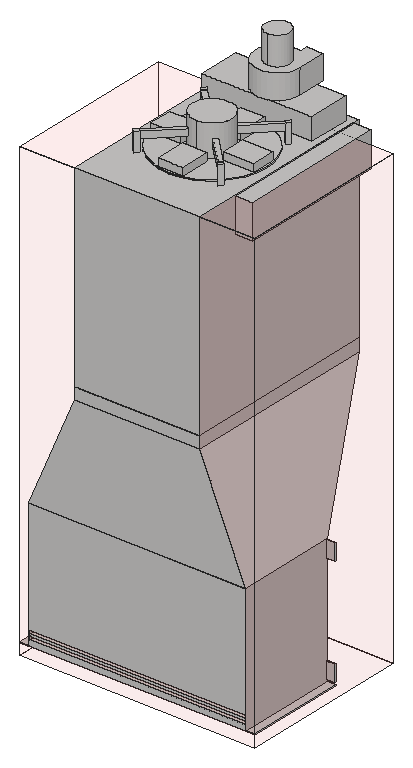
Revit family "Air-Curtain_Industrial_PoweredAire_Gas-Indirect-1Heater", category Mechanical Equipment, host Face, Revit 2017
Family settings
  Host = Face
  Round Connector Dimension = Use Diameter
  Part Type = Normal
  OmniClass Number = 23.75.35.17.21
  OmniClass Title = Air Curtains
  Cut with Voids When Loaded = No
  Shared = No
  Room Calculation Point = No
Parameters
  topbracket [instance] = Unit Height = 1' 4 3/4"  # yes
  Warranty Duration (Years) = 0
  Unit Width Notes = "Other Widths available."  # constant formula
  Unit Width = 3' - 3"
  Unit Weight = 0
  Unit Height = 1' - 4 3/4"
  Unit Depth = 1' - 9 1/4"
  URL = "http://www.poweredaire.com/"
  Test Data = ""
  Standards Conformance = "as Specified"
  Specification = "http://www.arcat.com/sdspecs/htm04/23_34_33pai.htm"
  SpecWizard = ""
  Sound Pressure = "as Specified"
  Sales Information = "http://www.poweredaire.com/contact_us"
  Revision = "R1_2016-08"
  Projection from Host [instance] = 0' - 2"
  Product Properties = ""
  Product Data = "http://www.arcat.com/arcatcos/cos47/arc47623.html"
  Power Rating = 0 W
  Piping_Operating Pressure [instance] = 0.00 psi
  Pipe OD [instance] = 5/8"
  Overall Depth = 6' - 1 3/4"
  Nozzle Width = if(1 = 1, Unit Width - 0' 3", 0' 0")  # 3' - 0"
  Mounting Width = if(1 = 1, Unit Width - 0' 1 1/2", 0' 0")  # 3' - 1 1/2"
  Mounting Height [instance] = 3' - 6"
  Motor RPM = 0
  Motor HP = 0
  Motor Count = 0
  Model = "As Specified"
  Max Height = 0' - 0"
  Manufacturer Website = "http://www.poweredaire.com/"
  Manufacturer Phone - Toll Free = "888-321-2473"
  Manufacturer Phone = "724-588-3305"
  Manufacturer Fax = "724-588-3371"
  Manufacturer Address = "109 Mortensen Rd.  Greenville, PA 16125"
  Manufacturer = "Powered Aire, Inc"
  Maintenance Schedule (Months) = 0
  Keynote = "23 34 33"
  Installation-Fabrication = ""
  Installation Phase = ""
  Include Clearance [instance] = yes
  Heating Element Load = 0 W
  Heater Weight = 0
  Heater Hanging Width = 1' - 6 5/8"
  Heater Finish [instance] = Metal - Steel - PoweredAire - Stainless 304
  HVAC_Temperature Rise = 0 °F
  HVAC_Primary CFM = 0 CFM
  HVAC_Outlet Volume = 0 CFM
  HVAC_Outlet Velocity Uniformity = 0
  HVAC_Outlet Velocity = 0 FPM
  HVAC_Exit Temperature [instance] = 0 °F
  HVAC_BTU Output = 0.0 Btu/h
  HVAC_BTU Input = 0.0 Btu/h
  Green Building-LEED = "http://www.arcat.com/green/clients/leed_data_47623.html"
  Gas Connection Diameter [instance] = 0"
  Frame Finish [instance] = Metal - Steel - PoweredAire - Stainless 304
  Expected Lifespan (Years) = 0
  Exhaust Connection Diameter = 0' - 5"
  Electrical_Wattage [instance] = Power Rating + Heating Element Load  # 0 W
  Electrical_Voltage [instance] = 0 V
  Electrical_Phase [instance] = 1
  Electrical_Frequency [instance] = 0 Hz
  Electrical_Amperage [instance] = 0 A
  Drawn By = "Sumex Design, Inc. / Robert S. Weygant, CSI, CDT, SCIP"
  Description = "Powered Aire Air Curtain as Specified"
  Default Elevation = 0' - 0"  # constant formula
  Copyright = "©Arcat Inc."
  Construction Details = "http://www.arcat.com/details/powair/prod3336.html"
  Clearance_Top [instance] = 1' - 0"
  Clearance_Side B [instance] = 0' - 0"
  Clearance_Side A [instance] = 0' - 0"
  Clearance_Intake [instance] = 0' - 0"
  Clearance_Bottom [instance] = 0' - 0"
  Clearance Material [instance] = ARCAT Clearance
  Building Codes = ""
  Available Options [instance] = "as Specified"
  Assembly Code = "D3090400"
Reference planes (in)
  plane 1 "Center (Elevation)": y = 0.13818
  plane 2: z = 0
  plane 3 "Center (Left/Right)": x = 0
  plane 4 "Top": y = 8.51318
  plane 5: y = -8.23682
  plane 6: x = -19.5
  plane 7: x = 19.5
  plane 8 "Front": z = 23.25
  plane 9 "FF": y = -41.86182
  plane 10: z = 2
  plane 11: x = 18
  plane 12: x = -18
  plane 13: y = 20.51318
  plane 14: y = -8.23682
  plane 15: x = -19.5
  plane 16: x = 19.5
  plane 17: z = 75.75
  plane 18: x = 17.9375
  plane 19: x = -17.9375
  plane 20: x = 18
  plane 21: x = 18
  plane 22: y = 6.01318
  plane 23: y = -5.73682
  plane 24: x = -9.3125
  plane 25: x = 9.3125
  plane 26: x = -10.375
  plane 27: x = 10.375
  plane 28: z = 75.75
  plane 29: z = 43.25
  plane 30: z = 41.25
Forms (in)
  Extrusion 1, solid, material "Metal - Steel - PoweredAire - Stainless 304" <- "Frame Finish"
    sketch origin (0, 0, 0) x (0, 1, 0) y (0, 0, 1)
      loop
        line (-8.23682, 2) -> (8.51318, 2) -> (8.51318, 23.25) -> (-8.23682, 23.25) -> (-8.23682, 2)
    from -18 to 18
  Extrusion 2, solid, material "ARCAT Clearance" <- "Clearance Material", visible <- "Include Clearance"
    sketch origin (0, 0, 0) x (0, 1, 0) y (0, 0, 1)
      loop
        line (-8.23682, 75.75) -> (-8.23682, 0) -> (20.51318, 0) -> (20.51318, 75.75) -> (-8.23682, 75.75)
    from -19.5 to 19.5
  Extrusion 3, solid, material "Metal - Steel - PoweredAire - Stainless 304" <- "Frame Finish"
    sketch origin (-15.17702, -180, 2) x (-1, 0, 0) y (0, -1, 0)
      loop
        line (-33.17702, -188.51318) -> (-33.17702, -171.76318) -> (-34.67702, -171.76318) -> (-34.67702, -188.51318) -> (-33.17702, -188.51318)
      loop
        line (2.82298, -188.51318) -> (4.32298, -188.51318) -> (4.32298, -171.76318) -> (2.82298, -171.76318) -> (2.82298, -188.51318)
    from 0 to 0.125
  Extrusion 4, solid, material "Metal - Steel - PoweredAire - Stainless 304" <- "Frame Finish", visible <- "topbracket"
    sketch origin (-11.83813, 8.51318, 48) x (-1, 0, 0) y (0, 0, 1)
      loop
        line (-29.83813, -45.5) -> (-29.83813, -42.75) -> (-31.33813, -42.75) -> (-31.33813, -45.5) -> (-29.83813, -45.5)
      loop
        line (-29.83813, -27.5) -> (-29.83813, -24.75) -> (-31.33813, -24.75) -> (-31.33813, -27.5) -> (-29.83813, -27.5)
      loop
        line (6.16187, -45.5) -> (7.66187, -45.5) -> (7.66187, -42.75) -> (6.16187, -42.75) -> (6.16187, -45.5)
      loop
        line (6.16187, -27.5) -> (7.66187, -27.5) -> (7.66187, -24.75) -> (6.16187, -24.75) -> (6.16187, -27.5)
    from 0 to -0.125
  Extrusion 5, void
    sketch origin (0, 0, 0) x (0, 1, 0) y (0, 0, 1)
      loop
        line (-8.23682, 3) -> (-7.23682, 3) -> (-7.23682, 4.5) -> (-8.23682, 4.5) -> (-8.23682, 3.82425) -> (-7.38364, 3.82425) -> (-7.38364, 3.57425) -> (-8.23682, 3.57425) -> (-8.23682, 3)
    from -17.9375 to 17.9375
  Blend 6, solid, material "Metal - Steel - PoweredAire - Stainless 304" <- "Frame Finish"
    base sketch origin (-15.17702, -180, 23.25) x (-1, 0, 0) y (0, -1, 0)
      loop
        line (2.82298, -188.51318) -> (2.82298, -171.76318) -> (-33.17702, -171.76318) -> (-33.17702, -188.51318) -> (2.82298, -188.51318)
    top sketch origin (-15.17702, -180, 23.25) x (-1, 0, 0) y (0, -1, 0)
      loop
        line (-4.80202, -171.76318) -> (-25.55202, -171.76318) -> (-25.55202, -204.76318) -> (-4.80202, -204.76318) -> (-4.80202, -171.76318)
    from 0 to 18
Cuts and joins
  Extrusion 5 cuts Extrusion 1
Dimensions and locks (in)
  equal spacing: plane 4 "Top", plane 1 "Center (Elevation)", plane 5
  "Unit Height": plane 4 "Top" to plane 5
  equal spacing: plane 6, plane 3 "Center (Left/Right)", plane 7
  "Unit Width": plane 6 to plane 7
  "Mounting Height": plane 1 "Center (Elevation)" to plane 9 "FF"
  "Projection from Host": plane 10 to level
  "Unit Depth": plane 8 "Front" to plane 10
  locked: plane 6 to plane 12 at 1.5
  locked: plane 11 to plane 7 at 1.5
  "Clearance_Side A": plane 7 to plane 16
  "Clearance_Side B": plane 15 to plane 6
  "Clearance_Top": plane 13 to plane 4 "Top"
  "Clearance_Bottom": plane 5 to plane 14
  "Clearance_Intake": plane 17 to plane 28
  Extrusion 5 sketch curve to Extrusion 5 sketch curve to Extrusion 5 sketch curve to Extrusion 5 sketch curve to plane 10 = 0' - 0.67575" locked, 0' - 0 1/4" locked, 0' - 0.57425" locked, 0' - 1" locked
  plane 5 to Extrusion 5 sketch curve to Extrusion 5 sketch curve = 0' - 0.85319" locked, 0' - 0.14681" locked
  locked: plane 19 to plane 12 at 0.0625
  locked: plane 11 to plane 18 at 0.0625
  locked: plane 20 to plane 11
  locked: plane 21 to plane 11
  locked: plane 4 "Top" to plane 22 at 2.5
  locked: plane 23 to plane 5 at 2.5
  equal spacing: plane 24, plane 3 "Center (Left/Right)", plane 25
  "Heater Hanging Width": plane 24 to plane 25
  locked: plane 25 to plane 27 at 1.0625
  locked: plane 26 to plane 24 at 1.0625
  "Overall Depth": plane 28 to plane 10
  locked: plane 29 to plane 30 at 2
  locked: plane 28 to plane 29 at 32.5
  locked: Blend 6 sketch curve to plane 5 at 33
  Extrusion 4 sketch curve to Extrusion 4 sketch curve to plane 10 = 0' - 2 3/4" locked, 0' - 0 1/2" locked  (x2)
  plane 8 "Front" to Extrusion 4 sketch curve to Extrusion 4 sketch curve = 0' - 0" locked, 0' - 2 3/4" locked  (x2)
  aligned and locked: plane 2 to host face
  aligned and locked: level to host face
  aligned and locked: Extrusion 2 sketch curve to plane 17
  aligned and locked: plane 14 to Extrusion 2 sketch curve
  aligned and locked: level to Extrusion 2 sketch curve
  aligned and locked: Extrusion 2 sketch curve to plane 13
  aligned and locked: plane 16 to Extrusion 2
  aligned and locked: Extrusion 2 to plane 15
  aligned and locked: plane 11 to Extrusion 1
  aligned and locked: Extrusion 1 to plane 12
  aligned and locked: Extrusion 1 sketch curve to plane 8 "Front"
  aligned and locked: plane 28 to nested 1
  aligned and locked: Blend 6 sketch curve to plane 5  (x2)
  aligned and locked: plane 12 to Blend 6 sketch curve
  aligned and locked: Blend 6 sketch curve to plane 11
  aligned and locked: Blend 6 sketch curve to plane 4 "Top"
  aligned and locked: Blend 6 sketch curve to plane 26
  aligned and locked: plane 27 to Blend 6 sketch curve
  aligned and locked: plane 30 to Blend 6
  aligned and locked: plane 3 "Center (Left/Right)" to nested 1
  aligned and locked: plane 18 to cut or joined group of Extrusion 1, Extrusion 5
  aligned and locked: cut or joined group of Extrusion 1, Extrusion 5 to plane 19
Automatic sketch dimensions
  host sketch curve to host sketch curve = 8' - 0"  (x2)
  plane 4 "Top" to Extrusion 3 sketch curve = 0' - 0"
  Extrusion 3 sketch curve to plane 7 = 0' - 0"
  plane 5 to Extrusion 3 sketch curve = 0' - 0"
  Extrusion 3 sketch curve to plane 11 = 0' - 0"
  Extrusion 3 sketch curve to plane 4 "Top" = 0' - 0"
  Extrusion 3 sketch curve to plane 12 = 0' - 0"
  Extrusion 3 sketch curve to plane 6 = 0' - 0"
  Extrusion 3 sketch curve to plane 5 = 0' - 0"
  Extrusion 4 sketch curve to plane 7 = 0' - 0"  (x2)
  Extrusion 4 sketch curve to plane 11 = 0' - 0"  (x2)
  Extrusion 4 sketch curve to plane 12 = 0' - 0"  (x2)
  Extrusion 4 sketch curve to plane 6 = 0' - 0"  (x2)
  Extrusion 5 sketch curve to plane 5 = 0' - 0"  (x2)
  Extrusion 1 sketch curve to plane 5 = 0' - 0"
  Extrusion 1 sketch curve to plane 4 "Top" = 0' - 0"
  Extrusion 1 sketch curve to plane 10 = 0' - 0"
Nested families (in)
  nested 1: "Heater" at (0, -8.23682, 43.2987) x (1, 0, 0) z (0, 1, 0), finish <- "Heater Finish", burner width <- "Heater Hanging Width", type "Heater"
    with finish Metal - Steel - PoweredAire - Stainless 304, burner width 1' - 6 5/8", Two Fan no, One Fan yes
Connectors (in)
  electrical at (-18, 0.13818, 12.625), driven by "Electrical_Voltage", driven by "Electrical_Phase"
    settings: on cut or joined group of Extrusion 1, Extrusion 5, index 3, voltage 0 V, apparent load 0 VA, apparent load phase1 0 VA, apparent load phase2 0 VA, apparent load phase3 0 VA, power factor 1, load classification "Motor", number of poles 1, system type 31, power factor state 1, is connector primary yes, connector utility no, sub classification motor no, connector description ""
  hvac at (3, 24.76318, 81.40625), driven by "Exhaust Connection Diameter", driven by "HVAC_Primary CFM"
    settings: on nested 1, index 4, duct flow 0 CFM, flow factor 0, pres drop 0.00 in-wg, loss coef 0, conn angle 0.00°, conn width 12", conn height 12", conn diameter 5", duct sys type 3, conn prof type 0, flow config 0, flow direction 2, loss method 0, conn ref index -1, conn util no, is conn primary yes, conn desc ""
Definition of nested family "Heater"
  Parameters
    finish [instance] = none
    burner width [instance] = 4' - 0 5/8"
    burner depth = 3' - 8 3/4"
    Two Fan [instance] = burner width > 4' 0"  # yes
    One Fan [instance] = burner width < 4' 0"  # no
    Default Elevation = 0' - 0"  # constant formula
  Reference planes (in)
    plane 1 "Center (Front/Back)": y = 0
    plane 2: z = 0
    plane 3 "Center (Left/Right)": x = 0
    plane 4: x = -25.375
    plane 5: x = 25.375
    plane 6: z = 33
    plane 7: y = -44.75
    plane 8: x = 3
    plane 9: x = 4.375
    plane 10: x = -12.6875
    plane 11: x = 12.6875
    plane 12: z = 15.5
    plane 13: x = -24.3125
    plane 14: x = 24.3125
  Forms (in)
    Extrusion 1, solid, material <- "finish"
      sketch origin (-74.94554, -3, 38.65968) x (0, 0, 1) y (1, 0, 0)
        loop
          line (-5.65968, 49.57054) -> (-5.65968, 100.32054) -> (-38.65968, 100.32054) -> (-38.65968, 49.57054) -> (-5.65968, 49.57054)
      from 3 to -29.4513
    Extrusion 2, solid, material <- "finish"
      sketch origin (0, 0, 0) x (0, 1, 0) y (0, 0, 1)
        loop
          line (2, 0) -> (2, 33) -> (0, 33) -> (0, 0) -> (2, 0)
      from -25.375 to 25.375
    Extrusion 3, solid, material <- "finish"
      sketch origin (-74.94554, -32.4513, 38.65968) x (0, 0, 1) y (1, 0, 0)
        loop
          line (-6.91591, 50.82971) -> (-6.91591, 99.10844) -> (-13.91591, 99.10844) -> (-13.91591, 50.82971) -> (-6.91591, 50.82971)
      from 0 to -3.625
    Extrusion 4, solid, material <- "finish"
      sketch origin (-74.94554, -36.0763, 38.65968) x (0, 0, 1) y (1, 0, 0)
        loop
          arc (-10.4052, 79.32054) -> (-12.67312, 72.60509) -> (-6.79809, 76.57054) r 3.74068
          line (-6.79809, 76.57054) -> (-5.65968, 76.57054) -> (-5.65968, 79.32054) -> (-10.4052, 79.32054)
      from 0 to -4.0625
    Extrusion 5, solid, material <- "finish"
      sketch origin (-73.58006, -40.1388, 35.52564) x (0, 0, -1) y (1, 0, 0)
        loop
          circle (7.27116, 74.21438) r 2
      from 4.6112 to 0
    Extrusion 6, solid, material <- "finish"
      sketch origin (0, 0, 0) x (1, 0, 0) y (0, 1, 0)
        loop
          line (28.3125, -32.4513) -> (28.3125, -26.7013) -> (25.3125, -26.7013) -> (25.3125, -32.4513) -> (28.3125, -32.4513)
      from 7.25 to 31.75
    Extrusion 7, solid, material <- "finish", visible <- "Two Fan"
      sketch origin (0, 0, 0) x (0, 1, 0) y (0, 0, 1)
        loop
          line (-32.4513, 6.22268) -> (-44.15658, 5.1986) -> (-44.15658, 4.4486) -> (-32.4513, 4.85736) -> (-32.4513, 6.22268)
      from -25.375 to 25.375
  Dimensions and locks (in)
    locked: Extrusion 4 sketch curve to Extrusion 4 sketch curve at 2.75
    "burner width": plane 13 to plane 14
    locked: plane 6 to level at 33
    "burner depth": plane 7 to plane 1 "Center (Front/Back)"
    locked: plane 8 to plane 9 at 1.375
    Extrusion 4 sketch curve to Extrusion 4 sketch curve to plane 8 = 0' - 0.99068" locked, 0' - 1 3/8" locked
    locked: Extrusion 5 sketch curve to plane 8 at 2.36568
    locked: plane 8 to plane 3 "Center (Left/Right)" at 3
    Extrusion 6 sketch curve to plane 5 to Extrusion 6 sketch curve = 0' - 0 1/16" locked, 0' - 2 15/16" locked
    equal spacing: plane 5, plane 11, plane 3 "Center (Left/Right)", plane 10, plane 4
    locked: plane 4 to plane 13 at 1.0625
    locked: plane 14 to plane 5 at 1.0625
    aligned and locked: plane 2 to level
    aligned: Extrusion 4 to Extrusion 5
    aligned: Extrusion 3 to Extrusion 2  (x2)
    aligned and locked: plane 7 to Extrusion 5
    aligned and locked: plane 4 to Extrusion 1 sketch curve
    aligned and locked: Extrusion 1 sketch curve to plane 5
    aligned and locked: Extrusion 7 to plane 4
    aligned and locked: plane 5 to Extrusion 7
    aligned and locked: plane 12 to nested 1
    aligned and locked: plane 3 "Center (Left/Right)" to nested 1
    aligned and locked: plane 12 to nested 3
    aligned and locked: plane 11 to nested 3
    aligned and locked: plane 10 to nested 2
    aligned and locked: plane 12 to nested 2
    aligned and locked: plane 5 to Extrusion 2
    aligned and locked: Extrusion 2 to plane 4
  Automatic sketch dimensions
    Extrusion 1 to Extrusion 3 sketch curve = 0' - 1.25917"
    Extrusion 1 to Extrusion 3 sketch curve = 0' - 8.25624"
    Extrusion 1 to Extrusion 3 sketch curve = 0' - 1.2121"
    Extrusion 1 to Extrusion 3 sketch curve = 0' - 1.25624"
    Extrusion 4 sketch curve to Extrusion 3 = 0' - 0.11782"
    Extrusion 4 sketch curve to Extrusion 3 = 0' - 1.25624"
    Extrusion 5 sketch curve to Extrusion 4 = 0' - 4.74552"
    Extrusion 1 sketch curve to level = 0' - 0"
    Extrusion 1 sketch curve to plane 6 = 0' - 0"
    Extrusion 2 sketch curve to level = 0' - 0"
    Extrusion 2 sketch curve to plane 1 "Center (Front/Back)" = 0' - 0"
    Extrusion 2 sketch curve to plane 6 = 0' - 0"
    Extrusion 2 sketch curve to Extrusion 2 sketch curve = 0' - 2"
    Extrusion 6 sketch curve to plane 7 = 1' - 0.2987"
    Extrusion 6 sketch curve to Extrusion 6 sketch curve = 0' - 5 3/4"
    Extrusion 7 sketch curve to plane 7 = 0' - 0.59342"
    level to Extrusion 7 sketch curve = 0' - 4.4486"
    Extrusion 7 sketch curve to Extrusion 7 sketch curve = 0' - 0 3/4"
    level to Extrusion 7 sketch curve = 0' - 4.85736"
    Extrusion 7 sketch curve to Extrusion 7 sketch curve = 0' - 11.70529"
    Extrusion 7 sketch curve to Extrusion 7 sketch curve = 0' - 1.36532"
    radius of Extrusion 5 sketch curve = 0' - 2"
  Nested families (in)
    nested 1: "FanControls" at (0, -32.4513, 15.5) x (1, 0, 0) z (0, -1, 0), finish <- "finish", visible <- "One Fan", type "FanControls"
      with finish none
    nested 2: "FanControls" at (-12.6875, -32.4513, 15.5) x (1, 0, 0) z (0, -1, 0), finish <- "finish", visible <- "Two Fan", type "FanControls"
      with finish none
    nested 3: "FanControls" at (12.6875, -32.4513, 15.5) x (1, 0, 0) z (0, -1, 0), finish <- "finish", visible <- "Two Fan", type "FanControls"
      with finish none
  Definition of nested family "FanControls"
    Parameters
      finish [instance] = none
      Default Elevation = 4' - 0"
    Reference planes (in)
      plane 1 "Center (Front/Back)": y = 0
      plane 2: z = 0
      plane 3 "Center (Left/Right)": x = 0
    Forms (in)
      Extrusion 1, solid, material <- "finish"
        sketch origin (-75.00804, 32.07233, 0) x (1, 0, 0) y (0, -1, 0)
          loop
            circle (75.00804, 32.07233) r 3.25
        from -5.33075 to 0
      Extrusion 2, solid, material <- "finish"
        sketch origin (24.44581, -78.06044, 0) x (1, 0, 0) y (0, -1, 0)
          loop
            line (-22.50831, -86.58776) -> (-22.50831, -81.58776) -> (-26.50831, -81.58776) -> (-26.50831, -86.58776) -> (-22.50831, -86.58776)
          loop
            line (-22.50831, -69.53312) -> (-26.50831, -69.53312) -> (-26.50831, -74.53312) -> (-22.50831, -74.53312) -> (-22.50831, -69.53312)
          loop
            line (-15.98099, -76.06044) -> (-20.98099, -76.06044) -> (-20.98099, -80.06044) -> (-15.98099, -80.06044) -> (-15.98099, -76.06044)
          loop
            line (-33.03563, -76.06044) -> (-33.03563, -80.06044) -> (-28.03563, -80.06044) -> (-28.03563, -76.06044) -> (-33.03563, -76.06044)
        from 0 to -1.37288
      Extrusion 3, solid, material <- "finish"
        sketch origin (-75.00804, 21.40968, 0) x (1, 0, 0) y (0, -1, 0)
          loop
            line (68.02536, 14.95733) -> (68.55569, 14.427) -> (75.00804, 20.87935) -> (81.46039, 14.427) -> (81.99072, 14.95733) -> (75.53837, 21.40968) -> (81.99072, 27.86203) -> (81.46039, 28.39236) -> (75.00804, 21.94001) -> (68.55569, 28.39236) -> (68.02536, 27.86203) -> (74.47771, 21.40968) -> (68.02536, 14.95733)
        from -3.1123 to -2
      Extrusion 4, solid, material <- "finish"
        sketch origin (-75.00804, 21.40968, 0) x (1, 0, 0) y (0, -1, 0)
          loop
            line (68.02536, 13.89667) -> (68.55569, 14.427) -> (68.02536, 14.95733) -> (67.49503, 14.427) -> (68.02536, 13.89667)
          loop
            line (82.52105, 14.427) -> (81.99072, 14.95733) -> (81.46039, 14.427) -> (81.99072, 13.89667) -> (82.52105, 14.427)
          loop
            line (81.99072, 28.92269) -> (81.46039, 28.39236) -> (81.99072, 27.86203) -> (82.52105, 28.39236) -> (81.99072, 28.92269)
          loop
            line (67.49503, 28.39236) -> (68.02536, 27.86203) -> (68.55569, 28.39236) -> (68.02536, 28.92269) -> (67.49503, 28.39236)
        from 0 to -3.1123
      Extrusion 5, solid, material <- "finish"
        sketch origin (0, 0, 0) x (1, 0, 0) y (0, 1, 0)
          loop
            circle (0, 0) r 9
        from 0 to 0.14961
    Dimensions and locks (in)
      Extrusion 4 sketch curve to Extrusion 4 sketch curve to Extrusion 4 sketch curve to Extrusion 4 sketch curve = 0' - 0.53033" locked, 0' - 0" locked, 0' - 0.53033" locked  (x4)
      Extrusion 3 sketch curve to Extrusion 3 sketch curve to Extrusion 3 sketch curve to Extrusion 3 sketch curve to Extrusion 3 sketch curve = 0' - 5.92202" locked, 0' - 0" locked, 0' - 0.53033" locked, 0' - 0" locked
      Extrusion 3 sketch curve to Extrusion 3 sketch curve to Extrusion 3 sketch curve to Extrusion 3 sketch curve to Extrusion 3 sketch curve = 0' - 0" locked, 0' - 0.53033" locked, 0' - 0" locked, 0' - 5.92202" locked
      locked: Extrusion 2 sketch curve to Extrusion 2 sketch curve at 5  (x2)
      aligned and locked: plane 2 to level
